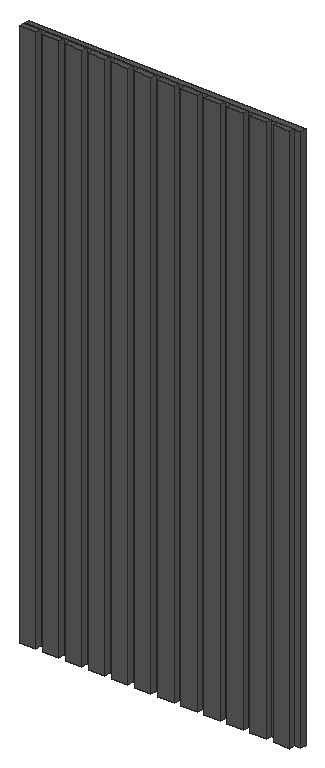
Revit family "MOMENTUM_LAYERS_BENGAL LAYER_MODEL", category Generic Models, Revit 2022
Family settings
  Can host rebar = No
  Round Connector Dimension = Use Diameter
  Part Type = Normal
  Work Plane-Based = No
  Always vertical = Yes
  Cut with Voids When Loaded = No
  Maintain Annotation Orientation = No
  Shared = No
  Room Calculation Point = No
Parameters (values of type "Pindrop Layer Bengal - Solid Color")
  Warranty URL = "https://momentumtextilesandwalls.com/products/09579227/warranty"
  URL = "https://momentumtextilesandwalls.com/solutions/acoustics"
  Type Comments = ""
  Support Email = "customerservice@momtex.com"
  Product Page URL = ""
  Product Name = "PINDROP BENGAL - Solid Color"
  Product Documetation Link = "https://momentumtextilesandwalls.com/pages/solutions/acoustics/resources"
  Pindrop Color Top = Pindrop - Solid Color - Crisp White
  Pindrop Color = Pindrop - Solid Color - Black
  Model = "9575619"
  Material = "1/2\" PET Felt"
  Manufacturer Phone Number = "+1 800.366.6839"
  Manufacturer Email = "customerservice@momtex.com"
  Manufacturer Address = "17811 Fitch, Irvine, California 92614"
  Manufacturer = "Momentum"
  Keynote = "09840.A1"
  Instruction Sheet Link = "https://momentumtextilesandwalls-res.cloudinary.com/image/upload/v1/pdf/bengal_solid_color_installation_guide.pdf?_a=AAFIKDQ"
  Installation Type = "Construction Adhesive"
  Description = "ARCHITECTURAL LAYERS: Light and dark, in wood-inspired print or solid colors, BENGAL slats (1.375\") add an architectural element to high-sound interiors. Vertical or horizontal slats create depth and complexity in sleek spaces. Made from recycled PET felt (1\" thick), Red List free with an NRC value of 0.45-0.9."
  Default Elevation = 0.000"
  Cost = 0
  Copyright = "Copyright © 2023 Momentum"
  Assembly Code = "C3010140"
Types (2): name | Product Name | Pindrop Color Top | Instruction Sheet Link
  Pindrop Layer Bengal - Solid Color | "PINDROP BENGAL - Solid Color" | Pindrop - Solid Color - Crisp White | "https://momentumtextilesandwalls-res.cloudinary.com/image/upload/v1/pdf/bengal_solid_color_installation_guide.pdf?_a=AAFIKDQ"
  Pindrop Layer Bengal - Zuri | "PINDROP BENGAL - Zuri" | Pindrop - Zuri Weathered Oak | "https://momentumtextilesandwalls-res.cloudinary.com/image/upload/v1/pdf/bengal_zuri_installation_guide.pdf?_a=AAFIKDQ"
Reference planes (in)
  plane 1 "Center (Front/Back)": y = 0
  plane 2: z = 0
  plane 3 "Center (Left/Right)": x = 0
Forms (in)
  Extrusion 1, solid, material "Pindrop - Solid Color - Crisp White" <- "Pindrop Color Top"
    sketch origin (0, 0, 0) x (1, 0, 0) y (0, 1, 0)
      loop
        line (0, -0.49803) -> (0, -1) -> (1.4, -1) -> (1.4, -0.49803) -> (0, -0.49803)
      loop
        line (2, -1) -> (3.4, -1) -> (3.4, -0.49803) -> (2, -0.49803) -> (2, -1)
      loop
        line (4, -1) -> (5.4, -1) -> (5.4, -0.49803) -> (4, -0.49803) -> (4, -1)
      loop
        line (6, -1) -> (7.4, -1) -> (7.4, -0.49803) -> (6, -0.49803) -> (6, -1)
      loop
        line (8, -1) -> (9.4, -1) -> (9.4, -0.49803) -> (8, -0.49803) -> (8, -1)
      loop
        line (10, -1) -> (11.4, -1) -> (11.4, -0.49803) -> (10, -0.49803) -> (10, -1)
      loop
        line (12, -1) -> (13.4, -1) -> (13.4, -0.49803) -> (12, -0.49803) -> (12, -1)
      loop
        line (14, -1) -> (15.4, -1) -> (15.4, -0.49803) -> (14, -0.49803) -> (14, -1)
      loop
        line (16, -1) -> (17.4, -1) -> (17.4, -0.49803) -> (16, -0.49803) -> (16, -1)
      loop
        line (18, -1) -> (19.4, -1) -> (19.4, -0.49803) -> (18, -0.49803) -> (18, -1)
      loop
        line (20, -1) -> (21.4, -1) -> (21.4, -0.49803) -> (20, -0.49803) -> (20, -1)
      loop
        line (22, -1) -> (23.4, -1) -> (23.4, -0.49803) -> (22, -0.49803) -> (22, -1)
    from 0 to 48
  Extrusion 2, solid, material "Pindrop - Solid Color - Black" <- "Pindrop Color"
    sketch origin (0, 0, 0) x (1, 0, 0) y (0, 1, 0)
      loop
        line (0, 0) -> (0, -0.49803) -> (24, -0.49803) -> (24, 0) -> (0, 0)
    from 0 to 48
Dimensions and locks (in)
  aligned and locked: level to plane 2
